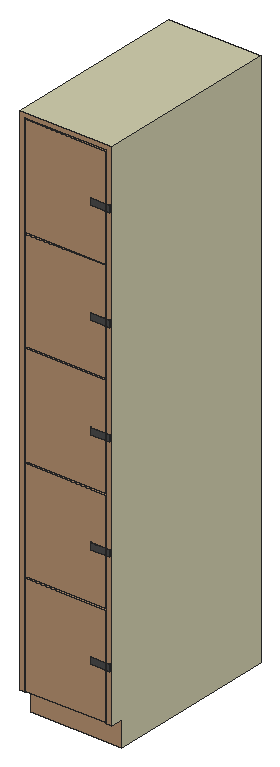
Revit family "Cabinet_Wenger_UltraStor_13", category Furniture, Revit 2015
Parameters (values of type "UltraStor Cabinet #13 - Comp Wood Doors")
  URL = "https://www.wengercorp.com/"
  Type Comments = ""
  Specification = "http://www.arcat.com/sdspecs/htm04/12_35_83wen.htm"
  Shelf Thickness = 0' - 1 1/8"
  Sales Information = "https://www.wengercorp.com/contact-us.php"
  Revision = "R1_2018-04"
  Rear Panel Thickness = 0' - 0 3/4"
  Product Data = "http://www.arcat.com/arcatcos/cos36/arc36487.html"
  Manufacturer Website = "https://www.wengercorp.com/"
  Manufacturer Phone - Toll Free = "800-4WENGER"
  Manufacturer Phone = "(507) 455-4100"
  Manufacturer Fax = "(507) 455-4258"
  Manufacturer Address = "555 Park Dr., Owatonna, MN 55060"
  Keynote = "12 35 83"
  HasDoors = yes
  Green Building-LEED = "http://www.arcat.com/green/clients/leed_data_36487.html"
  Drawn By = "Sumex Design, Inc. / Robert S. Weygant, CSI, CDT, SCIP"
  Door Width = (Cabinet Width - 0' 1 1/2")  # 1' - 0 7/8"
  Door Style = Door_Base : Solid Door
  Door Material [instance] = Wenger Cherry (Use Cherry Edge Band Only)
  Door Height = (Cabinet Height - 0' 4 3/4") / 5  # 1' - 4.175"
  Toe Kick Material [instance] = Wenger Cherry (Use Cherry Edge Band Only)
  RH End Panel [instance] = no
  Model = "#13"
  Manufacturer = "Wenger Corporation"
  LH End Panel [instance] = no
  End Panel Material [instance] = Wenger Cherry (Use Cherry Edge Band Only)
  Edge Banding Material [instance] = Wenger Cherry (Use Cherry Edge Band Only)
  Cost = 0
  Copyright = "© 2018 Arcat Inc."
  Construction Details = "http://www.arcat.com/details/wengerco/wengerco.html?coid=36487"
  Body Material [instance] = Wenger - Oyster
  Description = "Wenger UltraStor Cabinet #13 - Comp Wood Doors"
  Cabinet Width = 1' - 2 3/8"
  Cabinet Height = 7' - 1 5/8"
  Installed Depth = 2' - 5 1/4"
  Cabinet Panel Thickness = 0' - 0 3/4"
  Assembly Code = "E2010200"
Types (14): name | Rear Panel Thickness | HasDoors | Door Width | Door Style | Door Material | Model | Description | Cabinet Width | Installed Depth
  Acoustic Cabinet #13 - No Doors | 0' - 3 1/4" | no | 1' - 0 7/8" | Door_Base : Solid Door | none | "#13A" | "Wenger Acoustic Cabinet #13 - No Doors" | 1' - 2 3/8" | 2' - 7 3/4"
  Narrow Acoustic Cabinet #13 - No Doors | 0' - 3 1/4" | no | 0' - 9 7/8" | Door_Base : Solid Door | none | "#13NA" | "Wenger Narrow Acoustic Cabinet #13 - No Doors" | 0' - 11 3/8" | 2' - 7 3/4"
  Acoustic Cabinet #13 - Comp Grille Doors | 0' - 3 1/4" | yes | 1' - 0 7/8" | Door_Base : Bars | Painted Black | "#13A" | "Wenger Acoustic Cabinet #13 - Comp Grille Doors" | 1' - 2 3/8" | 2' - 7 3/4"
  Acoustic Cabinet #13 - Comp Waterfall Grille Doors | 0' - 3 1/4" | yes | 1' - 0 7/8" | Door_Base : Waterfall | Painted Black | "#13A" | "Wenger Acoustic Cabinet #13 - Comp Waterfall Grille Doors" | 1' - 2 3/8" | 2' - 7 3/4"
  Narrow Acoustic Cabinet #13 - Comp Waterfall Grille Doors | 0' - 3 1/4" | yes | 0' - 9 7/8" | Door_Base : Waterfall | Painted Black | "#13NA" | "Wenger Narrow Acoustic Cabinet #13 - Comp Waterfall Grille Doors" | 0' - 11 3/8" | 2' - 7 3/4"
  Narrow Acoustic Cabinet #13 - Comp Grille Doors | 0' - 3 1/4" | yes | 0' - 9 7/8" | Door_Base : Bars | Painted Black | "#13NA" | "Wenger Narrow Acoustic Cabinet #13 - Comp Grille Doors" | 0' - 11 3/8" | 2' - 7 3/4"
  UltraStor Cabinet #13 - Comp Grille Doors | 0' - 0 3/4" | yes | 1' - 0 7/8" | Door_Base : Bars | Painted Black | "#13" | "Wenger UltraStor Cabinet #13 - Comp Grille Doors" | 1' - 2 3/8" | 2' - 5 1/4"
  UltraStor Cabinet #13 - Comp Wood Doors | 0' - 0 3/4" | yes | 1' - 0 7/8" | Door_Base : Solid Door | Wenger Cherry (Use Cherry Edge Band Only) | "#13" | "Wenger UltraStor Cabinet #13 - Comp Wood Doors" | 1' - 2 3/8" | 2' - 5 1/4"
  Narrow UltraStor Cabinet #13 - Comp Grille Doors | 0' - 0 3/4" | yes | 0' - 9 7/8" | Door_Base : Bars | Painted Black | "#13N" | "Wenger Narrow Cabinet #13 - Comp Grille Doors" | 0' - 11 3/8" | 2' - 5 1/4"
  Narrow UltraStor Cabinet #13 - No Doors | 0' - 0 3/4" | no | 0' - 9 7/8" | Door_Base : Solid Door | none | "#13N" | "Wenger Narrow Cabinet #13 - No Doors" | 0' - 11 3/8" | 2' - 5 1/4"
  Narrow UltraStor Cabinet #13 - Comp Waterfall Grille Doors | 0' - 0 3/4" | yes | 0' - 9 7/8" | Door_Base : Waterfall | Painted Black | "#13N" | "Wenger Narrow Cabinet #13 - Comp Waterfall Grille Doors" | 0' - 11 3/8" | 2' - 5 1/4"
  UltraStor Cabinet #13 - No Doors | 0' - 0 3/4" | no | 1' - 0 7/8" | Door_Base : Solid Door | none | "#13" | "Wenger UltraStor Cabinet #13 - No Doors" | 1' - 2 3/8" | 2' - 5 1/4"
  Narrow UltraStor Cabinet #13 - Comp Wood Doors | 0' - 0 3/4" | yes | 0' - 9 7/8" | Door_Base : Solid Door | Wenger Cherry (Use Cherry Edge Band Only) | "#13N" | "Wenger Narrow Cabinet #13 - Comp Wood Doors" | 0' - 11 3/8" | 2' - 5 1/4"
  UltraStor Cabinet #13 - Comp Waterfall Grille Doors | 0' - 0 3/4" | yes | 1' - 0 7/8" | Door_Base : Waterfall | Painted Black | "#13" | "Wenger UltraStor Cabinet #13 - Comp Waterfall Grille Doors" | 1' - 2 3/8" | 2' - 5 1/4"
Reference planes (in)
  plane 1 "Front": y = 0
  plane 2: z = 0
  plane 3 "Left": x = 0
  plane 4 "Right": x = 14.375
  plane 5 "Back": y = 29.25
  plane 6 "Top": z = 85.625
  plane 7: z = 4
  plane 8: z = 20.175
  plane 9: z = 36.35
  plane 10: z = 52.525
  plane 11: z = 68.7
  plane 12: x = 0.75
  plane 13: x = 13.625
  plane 14: z = 84.875
  plane 15: x = 7.1875
  plane 16: y = 28.5
  plane 17: y = 2
  plane 18: y = 0.75
  plane 19: z = 21.3
  plane 20: z = 37.475
  plane 21: z = 53.65
  plane 22: z = 69.825
  plane 23: z = 5.125
Forms (in)
  Extrusion 1, solid, material "Wenger - Oyster" <- "Body Material"
    sketch origin (0, 0, 0) x (0, 1, 0) y (0, 0, 1)
      loop
        line (0, 85.625) -> (0, 4) -> (2, 4) -> (2, 0) -> (29.25, 0) -> (29.25, 85.625) -> (0, 85.625)
    from 0 to 14.375
  Extrusion 2, void
    sketch origin (0, 0, 0) x (0, 1, 0) y (0, 0, 1)
      loop
        line (-5.5, 84.875) -> (-5.5, 4) -> (0.75, 4)
        arc (0.75, 4) -> (1.15915, 4.80234) -> (2, 5.125) r 1.25694
        line (2, 5.125) -> (28.5, 5.125) -> (28.5, 20.175) -> (0.75, 20.175)
        arc (0.75, 20.175) -> (1.18296, 20.95088) -> (2, 21.3) r 1.375
        line (2, 21.3) -> (28.5, 21.3) -> (28.5, 36.35) -> (0.75, 36.35)
        arc (0.75, 36.35) -> (1.18296, 37.12588) -> (2, 37.475) r 1.375
        line (2, 37.475) -> (28.5, 37.475) -> (28.5, 52.525) -> (0.75, 52.525)
        arc (0.75, 52.525) -> (1.18296, 53.30088) -> (2, 53.65) r 1.375
        line (2, 53.65) -> (28.5, 53.65) -> (28.5, 68.7) -> (0.75, 68.7)
        arc (0.75, 68.7) -> (1.18296, 69.47588) -> (2, 69.825) r 1.375
        line (2, 69.825) -> (28.5, 69.825) -> (28.5, 84.875) -> (-5.5, 84.875)
    from 0.75 to 13.625
  Extrusion 3, void
    sketch origin (0, 0, 0) x (0, 1, 0) y (0, 0, 1)
      loop
        line (0, 84.875) -> (0, 4) -> (0.0625, 4) -> (0.0625, 84.875) -> (0, 84.875)
    from 0.75 to 13.625
Cuts and joins
  Extrusion 2, Extrusion 3 cuts Extrusion 1
Lines and regions (in)
  Masking region 1
    outline origin (0, 0, 0) x (1, 0, 0) y (0, 1, 0)
      loop
        line (0, 29.25) -> (0, 0) -> (14.375, 0) -> (14.375, 29.25) -> (0, 29.25)
Dimensions and locks (in)
  "Cabinet Panel Thickness": plane 3 "Left" to plane 12
  "Cabinet Panel Thickness": plane 13 to plane 4 "Right"
  "Cabinet Panel Thickness": plane 5 "Back" to plane 16
  locked: plane 1 "Front" to plane 18 at 0.75
  locked: plane 1 "Front" to plane 17 at 2
  "Shelf Thickness": plane 19 to plane 8
  "Shelf Thickness": plane 20 to plane 9
  "Shelf Thickness": plane 21 to plane 10
  "Shelf Thickness": plane 22 to plane 11
  "Cabinet Panel Thickness": plane 6 "Top" to plane 14
  equal spacing: plane 14, plane 11, plane 10, plane 9, plane 8, plane 7
  "Shelf Thickness": plane 23 to plane 7
  "Cabinet Width": plane 3 "Left" to plane 4 "Right"
  locked: plane 7 to level at 4
  "Cabinet Height": plane 6 "Top" to level
  "Installed Depth": plane 1 "Front" to plane 5 "Back"
  plane 3 "Left" to plane 4 "Right" = 1' - 2 3/8"
  equal spacing: plane 5 "Back", nested 2, plane 1 "Front"
  equal spacing: plane 12, plane 15, plane 13
  aligned and locked: Extrusion 1 sketch curve to plane 6 "Top"
  aligned and locked: Extrusion 1 sketch curve to plane 5 "Back"
  aligned and locked: Extrusion 1 sketch curve to plane 1 "Front"
  aligned and locked: Extrusion 1 sketch curve to plane 7
  aligned and locked: Extrusion 1 sketch curve to plane 17
  aligned and locked: Extrusion 1 sketch curve to level
  aligned and locked: Extrusion 1 to plane 4 "Right"
  aligned and locked: Extrusion 1 to plane 3 "Left"
  aligned and locked: Extrusion 2 sketch curve to plane 14
  aligned and locked: Extrusion 2 sketch curve to plane 16
  aligned and locked: Extrusion 2 sketch curve to plane 11
  aligned and locked: Extrusion 2 sketch curve to plane 21
  aligned and locked: Extrusion 2 sketch curve to plane 10
  aligned and locked: Extrusion 2 sketch curve to plane 20
  aligned and locked: Extrusion 2 sketch curve to plane 9
  aligned and locked: Extrusion 2 sketch curve to plane 19
  aligned and locked: Extrusion 2 sketch curve to plane 8
  aligned and locked: Extrusion 2 sketch curve to plane 23
  aligned and locked: Extrusion 2 sketch curve to plane 22
  aligned and locked: Extrusion 2 to plane 12
  aligned and locked: Extrusion 3 sketch curve to cut or joined group of Extrusion 1, Extrusion 2, Extrusion 3  (x3)
  aligned and locked: Extrusion 3 to plane 13
  aligned and locked: Extrusion 3 to plane 12
  aligned and locked: nested 3 to plane 12
  aligned and locked: nested 3 to plane 11
  aligned and locked: plane 14 to nested 3
  aligned and locked: plane 11 to cut or joined group of Extrusion 1, Extrusion 2, Extrusion 3
  aligned and locked: plane 11 to nested 4
  aligned and locked: nested 4 to plane 10
  aligned and locked: plane 10 to nested 5
  aligned and locked: nested 5 to plane 9
  aligned and locked: plane 9 to nested 6
  aligned and locked: nested 6 to plane 8
  aligned and locked: plane 8 to nested 7
  aligned and locked: nested 4 to plane 12
  aligned and locked: nested 5 to plane 12
  aligned and locked: nested 6 to plane 12
  aligned and locked: nested 7 to plane 12
  aligned and locked: plane 7 to cut or joined group of Extrusion 1, Extrusion 2, Extrusion 3
  aligned and locked: nested 7 to plane 7
  aligned and locked: plane 18 to Extrusion 2 sketch curve
  aligned and locked: plane 1 "Front" to nested 8
  aligned and locked: nested 8 to level
  aligned and locked: nested 8 to plane 4 "Right"
  aligned and locked: Masking region 1 sketch curve to plane 5 "Back"
  aligned and locked: Masking region 1 sketch curve to plane 1 "Front"
  aligned and locked: plane 3 "Left" to Masking region 1 sketch curve
  aligned and locked: plane 4 "Right" to Masking region 1 sketch curve
  aligned and locked: cut or joined group of Extrusion 1, Extrusion 2, Extrusion 3 to plane 13
  aligned and locked: plane 15 to nested 2
Automatic sketch dimensions
  plane 18 to Extrusion 3 sketch curve = 0' - 0 11/16"
  Extrusion 2 sketch curve to plane 7 = 0' - 0"
  Extrusion 2 sketch curve to plane 18 = 0' - 0"  (x4)
  Extrusion 2 sketch curve to plane 17 = 0' - 0"  (x5)
  Extrusion 2 sketch curve to plane 16 = 0' - 0"  (x4)
  plane 1 "Front" to Extrusion 2 sketch curve = 0' - 5 1/2"
  Extrusion 2 sketch curve to plane 17 = 0' - 0.10279"  (x4)
Nested families (in)
  nested 1: "End Panel" at (0, 14.25, 0) x (0, -1, 0) z (0, 0, 1), End Panel Material <- "End Panel Material", visible <- "LH End Panel", Edge Banding Material <- "Edge Banding Material", type "End Panel"
    with End Panel Material Wenger Cherry (Use Cherry Edge Band Only), Edge Banding Material Wenger Cherry (Use Cherry Edge Band Only), End Panel Depth 2' - 5 1/4"
  nested 2: "Labels" at (7.1875, 14.625, 0), type "Labels"
  nested 3: "Door_Base" at (7.1875, 0, 68.7) x (1, 0, 0) z (0, -1, 0), type <- "Door Style", Height <- "Door Height", Width <- "Door Width", visible <- "HasDoors", type "Solid Door", detail levels medium+fine
    with vBars 11, Width 1' - 0 7/8", ToeKick Height 0' - 4", MidBar no, Height 1' - 4.175", BarHt 1' - 3.675", 2HzBars no
  nested 4: "Door_Base" at (7.1875, 0, 52.525) x (1, 0, 0) z (0, -1, 0), type <- "Door Style", Height <- "Door Height", Width <- "Door Width", visible <- "HasDoors", type "Solid Door", detail levels medium+fine
    with vBars 11, Width 1' - 0 7/8", ToeKick Height 0' - 4", MidBar no, Height 1' - 4.175", BarHt 1' - 3.675", 2HzBars no
  nested 5: "Door_Base" at (7.1875, 0, 36.35) x (1, 0, 0) z (0, -1, 0), type <- "Door Style", Height <- "Door Height", Width <- "Door Width", visible <- "HasDoors", type "Solid Door", detail levels medium+fine
    with vBars 11, Width 1' - 0 7/8", ToeKick Height 0' - 4", MidBar no, Height 1' - 4.175", BarHt 1' - 3.675", 2HzBars no
  nested 6: "Door_Base" at (7.1875, 0, 20.175) x (1, 0, 0) z (0, -1, 0), type <- "Door Style", Height <- "Door Height", Width <- "Door Width", visible <- "HasDoors", type "Solid Door", detail levels medium+fine
    with vBars 11, Width 1' - 0 7/8", ToeKick Height 0' - 4", MidBar no, Height 1' - 4.175", BarHt 1' - 3.675", 2HzBars no
  nested 7: "Door_Base" at (7.1875, 0, 4) x (1, 0, 0) z (0, -1, 0), type <- "Door Style", Height <- "Door Height", Width <- "Door Width", visible <- "HasDoors", type "Solid Door", detail levels medium+fine
    with vBars 11, Width 1' - 0 7/8", ToeKick Height 0' - 4", MidBar no, Height 1' - 4.175", BarHt 1' - 3.675", 2HzBars no
  nested 8: "End Panel" at (15.125, 14.25, 0) x (0, -1, 0) z (0, 0, 1), End Panel Material <- "End Panel Material", Edge Banding Material <- "Edge Banding Material", visible <- "RH End Panel", type "End Panel"
    with End Panel Material Wenger Cherry (Use Cherry Edge Band Only), Edge Banding Material Wenger Cherry (Use Cherry Edge Band Only), End Panel Depth 2' - 5 1/4"
Definition of nested family "End Panel"
  Parameters (values of type "End Panel")
    End Panel Material [instance] = none
    End Panel Height = 7' - 1 5/8"
    End Panel Depth = 1' - 9 3/4"
    Edge Banding Material [instance] = none
    Default Elevation = 4' - 0"
    Assembly Code = ""
  Reference planes (in)
    plane 1 "Center (Front/Back)": y = 0
    plane 2: z = 0
    plane 3 "Center (Left/Right)": x = 0
    plane 4: x = -15
    plane 5: x = 6.75
    plane 6: z = 4
    plane 7: x = 4.75
    plane 8: z = 85.625
    plane 9: y = -0.75
  Forms (in)
    Extrusion 1, solid, material <- "End Panel Material"
      sketch origin (0, 0, 0) x (1, 0, 0) y (0, 0, 1)
        loop
          line (-15, 85.625) -> (-15, 0) -> (4.75, 0) -> (4.75, 4) -> (6.75, 4) -> (6.75, 85.625) -> (-15, 85.625)
      from 0 to 0.75
  Lines and regions (in)
    Masking region 1, detail levels coarse+medium
      outline origin (0, 0, 0) x (1, 0, 0) y (0, 1, 0)
        loop
          line (-15, 0) -> (-15, -0.75) -> (6.75, -0.75) -> (6.75, 0) -> (-15, 0)
  Dimensions and locks (in)
    locked: plane 7 to plane 5 at 2
    locked: plane 6 to level at 4
    "End Panel Height": plane 8 to level
    "End Panel Depth": plane 5 to plane 4
    locked: plane 9 to plane 1 "Center (Front/Back)" at 0.75
    aligned and locked: plane 4 to Extrusion 1 sketch curve
    aligned and locked: level to Extrusion 1 sketch curve
    aligned and locked: plane 7 to Extrusion 1 sketch curve
    aligned and locked: plane 6 to Extrusion 1 sketch curve
    aligned and locked: Extrusion 1 sketch curve to plane 5
    aligned and locked: Extrusion 1 sketch curve to plane 8
    aligned and locked: Extrusion 1 to plane 9
    aligned and locked: Extrusion 1 to plane 1 "Center (Front/Back)"
    aligned and locked: plane 4 to Masking region 1 sketch curve
    aligned and locked: Masking region 1 sketch curve to plane 5
    aligned and locked: plane 1 "Center (Front/Back)" to Masking region 1 sketch curve
    aligned and locked: plane 9 to Masking region 1 sketch curve
Definition of nested family "Door_Base"
  Parameters (values of type "None")
    vBars [instance] = (Width - 0' 2") / 0' 1"  # 6
    Width [instance] = 0' - 8"
    ToeKick Height [instance] = 0' - 4"
    Thickness = 0' - 0 3/4"
    Solid Door = no
    Shelf Thickness = 0' - 0 3/4"
    Panel Thickness = 0' - 0 3/4"
    MidBar [instance] = and(Height < 1' 6", HasDoor, not(Solid Door))  # no
    Height [instance] = 1' - 2 5/8"
    HasDoor = no
    Edge Banding = none
    DoorGap = 0' - 0 1/8"
    Door Finish = none
    Depth = 2' - 0"
    Default Elevation = 4' - 0"
    Bars = no
    BarStyle = Bars : Waterfall
    BarHt [instance] = Height - 0' 0 1/2"  # 1' - 2 1/8"
    2HzBars [instance] = and(Height > 1' 6", not(Solid Door))  # no
  Types (4): name | Thickness | Solid Door | MidBar | HasDoor | Bars | BarStyle
    Solid Door | 0' - 0 3/4" | yes | no | yes | no | Bars : Waterfall
    Bars | 0' - 0 1/4" | no | yes | yes | yes | Bars : Straight
    Waterfall | 0' - 0 3/4" | no | yes | yes | yes | Bars : Waterfall
    None | 0' - 0 3/4" | no | no | no | no | Bars : Waterfall
  Reference planes (in)
    plane 1 "Center (Front/Back)": y = 0
    plane 2: z = 0
    plane 3 "Center (Left/Right)": x = 0
    plane 4: x = -4
    plane 5: y = 14.625
    plane 6: x = 4
    plane 7: z = -0.75
    plane 8: x = -3.875
    plane 9: x = 3.875
    plane 10: y = 0.125
    plane 11: y = 14.5
    plane 12: y = -0.75
    plane 13 "CL Elev": y = 7.3125
    plane 14: x = -3.75
    plane 15: x = 3.75
    plane 16 "BtmRail": y = 0.25
    plane 17: y = 14.375
    plane 18: z = -0.125
    plane 19: x = -2.75
    plane 20: x = 2.75
    plane 21: y = 9.66667
    plane 22: y = 4.95833
  Forms (in)
    Extrusion 1, solid, material <- "Door Finish", visible <- "Solid Door", detail levels medium+fine
      sketch origin (0, 0, 0) x (1, 0, 0) y (0, 1, 0)
        loop
          arc (-3.75, 14.5) -> (-3.83839, 14.46339) -> (-3.875, 14.375) r 0.125
          line (-3.875, 14.375) -> (-3.875, 0.25)
          arc (-3.875, 0.25) -> (-3.83839, 0.16161) -> (-3.75, 0.125) r 0.125
          line (-3.75, 0.125) -> (3.75, 0.125)
          arc (3.75, 0.125) -> (3.83839, 0.16161) -> (3.875, 0.25) r 0.125
          line (3.875, 0.25) -> (3.875, 14.375)
          arc (3.875, 14.375) -> (3.83839, 14.46339) -> (3.75, 14.5) r 0.125
          line (3.75, 14.5) -> (-3.75, 14.5)
      from 0 to -0.75
    Sweep 2, solid, material <- "Door Finish", visible <- "Bars", detail levels medium+fine
      path origin (0, 0, 0) x (1, 0, 0) y (0, 1, 0)
        loop
          arc (-3.125, 14.5) -> (-3.65533, 14.28033) -> (-3.875, 13.75) r 0.75
          line (-3.875, 13.75) -> (-3.875, 0.875)
          arc (-3.875, 0.875) -> (-3.65533, 0.34467) -> (-3.125, 0.125) r 0.75
          line (-3.125, 0.125) -> (3.125, 0.125)
          arc (3.125, 0.125) -> (3.65533, 0.34467) -> (3.875, 0.875) r 0.75
          line (3.875, 0.875) -> (3.875, 13.75)
          arc (3.875, 13.75) -> (3.65533, 14.28033) -> (3.125, 14.5) r 0.75
          line (3.125, 14.5) -> (-3.125, 14.5)
      profile origin (0, 14.5, 0) x (0, 1, 0) y (0, 0, 1)
        loop
          circle (-0.125, -0.125) r 0.125
    Extrusion 3, solid, material <- "Door Finish", visible <- "MidBar", detail levels medium+fine
      sketch origin (0, 0, 0) x (0, 1, 0) y (0, 0, 1)
        loop
          circle (7.3125, -0.125) r 0.125
      from -3.75 to 3.75
    Extrusion 4, solid, visible <- "HasDoor", detail levels fine
      sketch origin (0, 0, 0) x (1, 0, 0) y (0, 1, 0)
        loop
          line (1.5, 7.8125) -> (1.5, 6.8125) -> (4.5, 6.8125) -> (4.5, 7.8125) -> (1.5, 7.8125)
      from 0 to 0.125
    Extrusion 5, solid, material <- "Door Finish", visible <- "2HzBars", detail levels medium+fine
      sketch origin (0, 0, 0) x (0, 1, 0) y (0, 0, 1)
        loop
          circle (9.66667, -0.125) r 0.125
        loop
          circle (4.95833, -0.125) r 0.125
      from -3.75 to 3.75
  Lines and regions (in)
    symbolic lines, visible <- "HasDoor", detail levels medium+fine
      curve 1: line (4, 0.25, 0) -> (-4, 0.25, 0)
      curve 2: line (-4, 0.25, 0) -> (-4, 0.25, 8)
      curve 3: arc (4, 0.25, 0) -> (1.65685, 0.25, 5.65685) -> (-4, 0.25, 8) r 8
    symbolic lines, visible <- "HasDoor"
      curve 4: line (3.875, 0.25, 0) -> (3.875, 0.25, -0.75)
      curve 5: line (3.875, 0.25, -0.75) -> (-3.875, 0.25, -0.75)
      curve 6: line (-3.875, 0.25, -0.75) -> (-3.875, 0.25, 0)
    symbolic lines, detail levels medium
      curve 7: line (3.875, 14.5, 0) -> (-3.875, 7.3125, 0)
      curve 8: line (-3.875, 7.3125, 0) -> (3.875, 0.125, 0)
  Dimensions and locks (in)
    "Height": plane 1 "Center (Front/Back)" to plane 5
    "Thickness": level to plane 7
    equal spacing: plane 4, plane 3 "Center (Left/Right)", plane 6
    "Width": plane 4 to plane 6
    "DoorGap": plane 5 to plane 11
    "DoorGap": plane 9 to plane 6
    "DoorGap": plane 4 to plane 8
    "DoorGap": plane 1 "Center (Front/Back)" to plane 10
    "Shelf Thickness": plane 1 "Center (Front/Back)" to plane 12
    equal spacing: plane 1 "Center (Front/Back)", plane 13 "CL Elev", plane 5
    locked: plane 15 to plane 9 at 0.125
    locked: plane 8 to plane 14 at 0.125
    locked: plane 11 to plane 17 at 0.125
    locked: plane 16 "BtmRail" to plane 10 at 0.125
    locked: level to plane 18 at 0.125
    plane 19 to plane 14 = 0' - 1"
    locked: plane 15 to plane 20 at 1
    Extrusion 4 sketch curve to plane 13 "CL Elev" to Extrusion 4 sketch curve = 0' - 0 1/2" locked, 0' - 0 1/2" locked
    locked: plane 6 to Extrusion 4 sketch curve at 0.5
    locked: Extrusion 4 sketch curve to plane 6 at 2.5
    locked: Extrusion 4 to level at 0.125
    equal spacing: group 1, group 3, group 4, group 5, group 6, group 2  (x3)
    equal spacing: plane 17, plane 21, plane 22, plane 16 "BtmRail"
    "Width": radius of curve 3
    aligned and locked: plane 2 to level
    aligned and locked: Extrusion 1 sketch curve to plane 11
    aligned and locked: plane 8 to Extrusion 1 sketch curve
    aligned and locked: Extrusion 1 sketch curve to plane 9
    aligned and locked: plane 10 to Extrusion 1 sketch curve
    aligned and locked: Extrusion 1 to plane 7
    aligned and locked: level to Extrusion 1
    aligned and locked: Sweep 2 sketch curve to plane 11
    aligned and locked: plane 8 to Sweep 2 sketch curve
    aligned and locked: plane 10 to Sweep 2 sketch curve
    aligned and locked: Sweep 2 sketch curve to plane 9
    aligned and locked: plane 15 to Extrusion 3
    aligned and locked: Extrusion 3 to plane 14
    aligned and locked: plane 20 to nested 2
    aligned and locked: plane 19 to nested 1
    aligned and locked: plane 21 to Extrusion 5 sketch curve
    aligned and locked: plane 18 to Extrusion 5 sketch curve  (x2)
    aligned and locked: plane 22 to Extrusion 5 sketch curve
    aligned and locked: Extrusion 5 to Extrusion 3  (x2)
    aligned and locked: plane 4 to curve 3  (x2)
    aligned and locked: level to curve 3
    aligned and locked: plane 7 to curve 5
    aligned and locked: Extrusion 1 to plane 8
    aligned and locked: plane 9 to Extrusion 1
    aligned and locked: plane 10 to curve 8
    aligned and locked: plane 9 to curve 8
    aligned and locked: plane 13 "CL Elev" to curve 8
    aligned and locked: plane 11 to curve 7
    aligned and locked: plane 9 to curve 7
  Automatic sketch dimensions
    plane 8 to Sweep 2 sketch curve = 0' - 0 3/4"  (x2)
    Sweep 2 sketch curve to plane 9 = 0' - 0 3/4"
    Sweep 2 sketch curve to Sweep 2 sketch curve = 0' - 0 3/4"
    Sweep 2 sketch curve to level = 0' - 0 1/8"
    profile plane to Sweep 2 sketch curve = 0' - 0 1/8"
    Extrusion 3 sketch curve to level = 0' - 0 1/8"
    Extrusion 3 sketch curve to plane 13 "CL Elev" = 0' - 0"
    curve 8 to plane 8 = 0' - 0"
    Extrusion 1 sketch curve to plane 14 = 0' - 0"  (x2)
    Extrusion 1 sketch curve to plane 15 = 0' - 0"  (x2)
    curve 5 to plane 9 = 0' - 0"
    curve 6 to plane 8 = 0' - 0"
    radius of Sweep 2 sketch curve = 0' - 0 1/8"
    radius of Extrusion 3 sketch curve = 0' - 0 1/8"
    radius of Extrusion 5 sketch curve = 0' - 0 1/8"  (x2)
  Nested families (in)
    nested 1: "Bars" at (-2.75, 0.25, -0.125) x (1, 0, 0) z (0, 1, 0), type <- "BarStyle", visible <- "Bars", type "Waterfall", detail levels fine
      with Lateral Deviation 0' - 1", Height 1' - 2 1/8"
    nested 2: "Bars" at (2.75, 0.25, -0.125) x (1, 0, 0) z (0, 1, 0), type <- "BarStyle", visible <- "Bars", type "Waterfall", detail levels fine
      with Lateral Deviation 0' - 1", Height 1' - 2 1/8"
    nested 3: "Bars" at (-1.65, 0.25, -0.125) x (1, 0, 0) z (0, 1, 0), type <- "BarStyle", visible <- "Bars", type "Waterfall", detail levels fine
      with Lateral Deviation 0' - 1", Height 1' - 2 1/8"
    nested 4: "Bars" at (-0.55, 0.25, -0.125) x (1, 0, 0) z (0, 1, 0), type <- "BarStyle", visible <- "Bars", type "Waterfall", detail levels fine
      with Lateral Deviation 0' - 1", Height 1' - 2 1/8"
    nested 5: "Bars" at (0.55, 0.25, -0.125) x (1, 0, 0) z (0, 1, 0), type <- "BarStyle", visible <- "Bars", type "Waterfall", detail levels fine
      with Lateral Deviation 0' - 1", Height 1' - 2 1/8"
    nested 6: "Bars" at (1.65, 0.25, -0.125) x (1, 0, 0) z (0, 1, 0), type <- "BarStyle", visible <- "Bars", type "Waterfall", detail levels fine
      with Lateral Deviation 0' - 1", Height 1' - 2 1/8"
  Definition of nested family "Bars"
    Parameters (values of type "Straight")
      WaterFall = no
      Straight = yes
      Lateral Deviation = 0' - 1 1/2"
      Height = 1' - 2 5/8"
      Default Elevation = 4' - 0"
      Bars = none
    Types (3): name | WaterFall | Straight
      (no name) | no | yes
      Waterfall | yes | no
      Straight | no | yes
    Reference planes (in)
      plane 1 "Center (Front/Back)": y = 0
      plane 2: z = 0
      plane 3 "Center (Left/Right)": x = 0
      plane 4: z = 14.625
      plane 5: z = 7.3125
      plane 6: x = 0.75
      plane 7: x = -0.75
      plane 8: z = 10.96875
      plane 9: z = 3.65625
    Forms (in)
      Sweep 1, solid, material <- "Bars", visible <- "WaterFall"
        path origin (0, 0, 0) x (1, 0, 0) y (0, 0, 1)
          loop
            arc (0, 0) -> (0.56057, 1.79006) -> (0.75, 3.65625) r 9.28711
            arc (0.75, 3.65625) -> (0.56057, 5.52244) -> (0, 7.3125) r 9.28711
        profile origin (0.56057, 0, 1.79006) x (-0.979603, 0, 0.200944) y (0, -1, 0)
          loop
            circle (0, 0) r 0.0625
      Sweep 2, solid, material <- "Bars", visible <- "WaterFall"
        path origin (0, 0, 14.625) x (-1, 0, 0) y (0, 0, -1)
          loop
            arc (0, 0) -> (0.56057, 1.79006) -> (0.75, 3.65625) r 9.28711
            arc (0.75, 3.65625) -> (0.56057, 5.52244) -> (0, 7.3125) r 9.28711
        profile origin (-0.56057, 0, 12.83494) x (0.979603, 0, -0.200944) y (0, -1, 0)
          loop
            circle (0, 0) r 0.0625
      Extrusion 3, solid, material <- "Bars", visible <- "Straight"
        sketch origin (0, 0, 0) x (1, 0, 0) y (0, 1, 0)
          loop
            circle (0, 0) r 0.0625
        from 0 to 14.625
    Dimensions and locks (in)
      "Height": plane 4 to level
      equal spacing: plane 6, plane 3 "Center (Left/Right)", plane 7
      "Lateral Deviation": plane 6 to plane 7
      equal spacing: plane 4, plane 8, plane 5, plane 9, level
      aligned and locked: plane 2 to level
      aligned and locked: plane 3 "Center (Left/Right)" to Sweep 1 sketch curve  (x2)
      aligned and locked: level to Sweep 1 sketch curve
      aligned and locked: plane 6 to Sweep 1 sketch curve
      aligned and locked: plane 9 to Sweep 1 sketch curve
      aligned and locked: plane 4 to Sweep 2 sketch curve
      aligned and locked: plane 3 "Center (Left/Right)" to Sweep 2 sketch curve  (x2)
      aligned and locked: plane 8 to Sweep 2 sketch curve
      aligned and locked: plane 7 to Sweep 2 sketch curve
      aligned and locked: plane 5 to Sweep 2 sketch curve
      aligned and locked: plane 4 to Extrusion 3
      aligned and locked: Extrusion 3 to level
    Automatic sketch dimensions
      plane 1 "Center (Front/Back)" to Sweep 1 sketch curve = 0' - 0"
      Sweep 1 sketch curve to profile plane = 0' - 0"
      Sweep 1 sketch curve to Sweep 1 sketch curve = 0' - 0"
      Sweep 2 sketch curve to plane 1 "Center (Front/Back)" = 0' - 0"
      Sweep 2 sketch curve to profile plane = 0' - 0"
      plane 1 "Center (Front/Back)" to Extrusion 3 sketch curve = 0' - 0"
      Extrusion 3 sketch curve to plane 3 "Center (Left/Right)" = 0' - 0"
      radius of Sweep 1 sketch curve = 0' - 0 1/16"
      radius of Sweep 2 sketch curve = 0' - 0 1/16"
      radius of Extrusion 3 sketch curve = 0' - 0 1/16"
Definition of nested family "Labels"
  Parameters
    Cabinet Label = "01"
  Reference planes (in)
    plane 1: y = 0
    plane 2: x = 0
  Text (in)
    label "xxxx" at (-0.00018, 0.00754, 0), shows "Cabinet Label"
